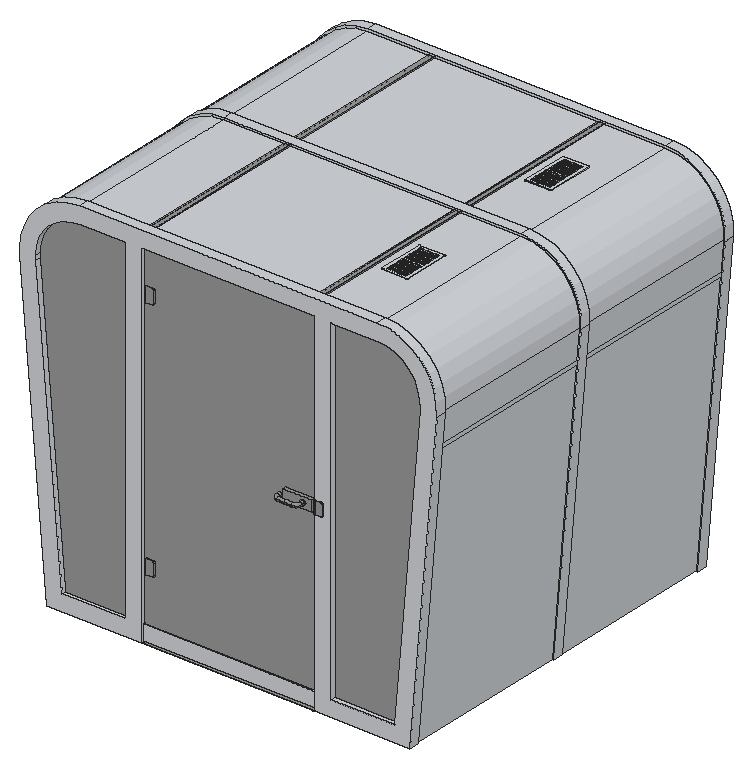
Revit family "Retreat 2.2 - PET Back", category Generic Models, host Floor, Revit 2020 (continued)
Forms (mm)
  Extrusion 20, solid, material "Stainless Steel, Brushed"
    sketch origin (-356.84, -562.062, 13.524) x (1, 0, 0) y (0, 0, 1)
      loop
        line (-98.767, 1870.453) -> (-134.017, 1870.453)
        arc (-134.017, 1870.453) -> (-135.431, 1869.867) -> (-136.017, 1868.453) r 2
        line (-136.017, 1868.453) -> (-136.017, 1786.453)
        arc (-136.017, 1786.453) -> (-135.431, 1785.039) -> (-134.017, 1784.453) r 2
        line (-134.017, 1784.453) -> (-98.767, 1784.453)
        arc (-98.767, 1784.453) -> (-91.696, 1787.382) -> (-88.767, 1794.453) r 10
        line (-88.767, 1794.453) -> (-88.767, 1860.453)
        arc (-88.767, 1860.453) -> (-91.696, 1867.524) -> (-98.767, 1870.453) r 10
    from 509.438 to 516.938
  Extrusion 21, solid, material "Stainless Steel, Brushed"
    sketch origin (-356.84, -562.062, 13.524) x (1, 0, 0) y (0, 0, 1)
      loop
        line (-131.767, 1868.453) -> (-131.767, 1786.453)
        arc (-131.767, 1786.453) -> (-131.181, 1785.039) -> (-129.767, 1784.453) r 2
        line (-129.767, 1784.453) -> (-98.767, 1784.453)
        arc (-98.767, 1784.453) -> (-91.696, 1787.382) -> (-88.767, 1794.453) r 10
        line (-88.767, 1794.453) -> (-88.767, 1860.453)
        arc (-88.767, 1860.453) -> (-91.696, 1867.524) -> (-98.767, 1870.453) r 10
        line (-98.767, 1870.453) -> (-129.767, 1870.453)
        arc (-129.767, 1870.453) -> (-131.181, 1869.867) -> (-131.767, 1868.453) r 2
      loop
        line (-98.767, 435.453) -> (-129.767, 435.453)
        arc (-129.767, 435.453) -> (-131.181, 434.867) -> (-131.767, 433.453) r 2
        line (-131.767, 433.453) -> (-131.767, 351.453)
        arc (-131.767, 351.453) -> (-131.181, 350.039) -> (-129.767, 349.453) r 2
        line (-129.767, 349.453) -> (-98.767, 349.453)
        arc (-98.767, 349.453) -> (-91.696, 352.382) -> (-88.767, 359.453) r 10
        line (-88.767, 359.453) -> (-88.767, 425.453)
        arc (-88.767, 425.453) -> (-91.696, 432.524) -> (-98.767, 435.453) r 10
    from 493.938 to 501.438
  Extrusion 22, solid, material "Stainless Steel, Brushed"
    sketch origin (-170.775, -530, 13.524) x (1, 0, 0) y (0, 0, 1)
      loop
        line (493.614, 1094.953) -> (493.614, 1031.953)
        arc (493.614, 1031.953) -> (494.2, 1030.539) -> (495.614, 1029.953) r 2
        line (495.614, 1029.953) -> (663.284, 1029.953)
        arc (663.284, 1029.953) -> (664.698, 1030.539) -> (665.284, 1031.953) r 2
        line (665.284, 1031.953) -> (665.284, 1094.778)
        arc (665.284, 1094.778) -> (664.766, 1096.304) -> (663.291, 1096.953) r 2
        line (663.291, 1096.953) -> (495.614, 1096.953)
        arc (495.614, 1096.953) -> (494.2, 1096.367) -> (493.614, 1094.953) r 2
    from 541.5 to 562.5
  Extrusion 23, solid, material "Stainless Steel, Brushed"
    sketch origin (-169.884, -1090.5, 13.524) x (1, 0, 0) y (0, 0, 1)
      loop
        arc (635.614, 1092.453) -> (634.296, 1095.635) -> (631.114, 1096.953) r 4.5
        line (631.114, 1096.953) -> (497.223, 1096.953)
        arc (497.223, 1096.953) -> (494.041, 1095.635) -> (492.723, 1092.453) r 4.5
        line (492.723, 1092.453) -> (492.723, 1034.453)
        arc (492.723, 1034.453) -> (494.041, 1031.271) -> (497.223, 1029.953) r 4.5
        line (497.223, 1029.953) -> (631.114, 1029.953)
        arc (631.114, 1029.953) -> (634.296, 1031.271) -> (635.614, 1034.453) r 4.5
        line (635.614, 1034.453) -> (635.614, 1092.453)
    from -36 to -27
  Extrusion 24, solid, material "Stainless Steel, Brushed"
    sketch origin (-165.813, -1092.5, 13.524) x (1, 0, 0) y (0, 0, 1)
      loop
        circle (607.064, 1063.453) r 14.5
    from 0 to 3
  Extrusion 25, solid, material "Stainless Steel, Brushed"
    sketch origin (-165.813, -1054.5, 13.524) x (1, 0, 0) y (0, 0, -1)
      loop
        circle (607.064, -1063.453) r 14.5
    from 0 to 3
  Sweep 26, solid, material "Stainless Steel, Brushed"
    path origin (-60.138, -530, 0) x (1, 0, 0) y (0, 1, 0)
      loop
        line (381.507, -567.5) -> (381.507, -585.564)
        arc (381.507, -585.564) -> (384.944, -593.861) -> (393.24, -597.297) r 11.733
        line (393.24, -597.297) -> (436.507, -597.297) -> (479.774, -597.297)
        arc (479.774, -597.297) -> (488.071, -593.861) -> (491.507, -585.564) r 11.733
        line (491.507, -585.564) -> (491.507, -565.5)
    profile origin (321.369, -1106.532, 0) x (1, 0, 0) y (0, 0, 1)
      loop
        circle (-10, 1077.351) r 10
  Sweep 27, solid, material "Stainless Steel, Brushed"
    path origin (-60.138, -1605, 0) x (1, 0, 0) y (0, -1, 0)
      loop
        line (381.507, -567.5) -> (381.507, -585.564)
        arc (381.507, -585.564) -> (384.944, -593.861) -> (393.24, -597.297) r 11.733
        line (393.24, -597.297) -> (436.507, -597.297) -> (479.774, -597.297)
        arc (479.774, -597.297) -> (488.071, -593.861) -> (491.507, -585.564) r 11.733
        line (491.507, -585.564) -> (491.507, -565.5)
    profile origin (321.369, -1028.468, 0) x (-1, 0, 0) y (0, 0, 1)
      loop
        circle (10, 1077.351) r 10
  Extrusion 28, solid, material "Stainless Steel, Brushed"
    sketch origin (-165.695, -1092.5, 1090.874) x (1, 0, 0) y (0, 0, 1)
      loop
        circle (607.064, -13.524) r 10
    from -53 to -41
  Extrusion 29, solid, material "Stainless Steel, Brushed"
    sketch origin (0, 0, 0) x (1, 0, 0) y (0, 0, 1)
      loop
        line (-510, 0) -> (510, 0) -> (510, 2) -> (-510, 2) -> (-510, 0)
    from 1030 to 1090
  Extrusion 30, solid
    sketch origin (777.625, 529.9, 0) x (1, 0, 0) y (0, 1, 0)
      loop
        line (-66.5, 143) -> (-212.5, 143)
        arc (-212.5, 143) -> (-216.036, 141.536) -> (-217.5, 138) r 5
        line (-217.5, 138) -> (-217.5, -134.9)
        arc (-217.5, -134.9) -> (-216.036, -138.436) -> (-212.5, -139.9) r 5
        line (-212.5, -139.9) -> (-66.5, -139.9)
        arc (-66.5, -139.9) -> (-62.964, -138.436) -> (-61.5, -134.9) r 5
        line (-61.5, -134.9) -> (-61.5, 138)
        arc (-61.5, 138) -> (-62.964, 141.536) -> (-66.5, 143) r 5
      loop
        line (-196.5, -90) -> (-196.5, -120)
        arc (-196.5, -120) -> (-195.914, -121.414) -> (-194.5, -122) r 2
        arc (-194.5, -122) -> (-193.086, -121.414) -> (-192.5, -120) r 2
        line (-192.5, -120) -> (-192.5, -90)
        arc (-192.5, -90) -> (-194.5, -88) -> (-196.5, -90) r 2
      loop
        line (-185.5, -90) -> (-185.5, -120)
        arc (-185.5, -120) -> (-184.914, -121.414) -> (-183.5, -122) r 2
        arc (-183.5, -122) -> (-182.086, -121.414) -> (-181.5, -120) r 2
        line (-181.5, -120) -> (-181.5, -90)
        arc (-181.5, -90) -> (-183.5, -88) -> (-185.5, -90) r 2
      loop
        line (-174.5, -90) -> (-174.5, -120)
        arc (-174.5, -120) -> (-173.914, -121.414) -> (-172.5, -122) r 2
        arc (-172.5, -122) -> (-171.086, -121.414) -> (-170.5, -120) r 2
        line (-170.5, -120) -> (-170.5, -90)
        arc (-170.5, -90) -> (-172.5, -88) -> (-174.5, -90) r 2
      loop
        line (-163.5, -90) -> (-163.5, -120)
        arc (-163.5, -120) -> (-162.914, -121.414) -> (-161.5, -122) r 2
        arc (-161.5, -122) -> (-160.086, -121.414) -> (-159.5, -120) r 2
        line (-159.5, -120) -> (-159.5, -90)
        arc (-159.5, -90) -> (-161.5, -88) -> (-163.5, -90) r 2
      loop
        line (-152.5, -90) -> (-152.5, -120)
        arc (-152.5, -120) -> (-151.914, -121.414) -> (-150.5, -122) r 2
        arc (-150.5, -122) -> (-149.086, -121.414) -> (-148.5, -120) r 2
        line (-148.5, -120) -> (-148.5, -90)
        arc (-148.5, -90) -> (-150.5, -88) -> (-152.5, -90) r 2
      loop
        line (-141.5, -90) -> (-141.5, -120)
        arc (-141.5, -120) -> (-140.914, -121.414) -> (-139.5, -122) r 2
        arc (-139.5, -122) -> (-138.086, -121.414) -> (-137.5, -120) r 2
        line (-137.5, -120) -> (-137.5, -90)
        arc (-137.5, -90) -> (-139.5, -88) -> (-141.5, -90) r 2
      loop
        line (-130.5, -90) -> (-130.5, -120)
        arc (-130.5, -120) -> (-129.914, -121.414) -> (-128.5, -122) r 2
        arc (-128.5, -122) -> (-127.086, -121.414) -> (-126.5, -120) r 2
        line (-126.5, -120) -> (-126.5, -90)
        arc (-126.5, -90) -> (-128.5, -88) -> (-130.5, -90) r 2
      loop
        line (-119.5, -90) -> (-119.5, -120)
        arc (-119.5, -120) -> (-118.914, -121.414) -> (-117.5, -122) r 2
        arc (-117.5, -122) -> (-116.086, -121.414) -> (-115.5, -120) r 2
        line (-115.5, -120) -> (-115.5, -90)
        arc (-115.5, -90) -> (-117.5, -88) -> (-119.5, -90) r 2
      loop
        line (-108.5, -90) -> (-108.5, -120)
        arc (-108.5, -120) -> (-107.914, -121.414) -> (-106.5, -122) r 2
        arc (-106.5, -122) -> (-105.086, -121.414) -> (-104.5, -120) r 2
        line (-104.5, -120) -> (-104.5, -90)
        arc (-104.5, -90) -> (-106.5, -88) -> (-108.5, -90) r 2
      loop
        line (-97.5, -90) -> (-97.5, -120)
        arc (-97.5, -120) -> (-96.914, -121.414) -> (-95.5, -122) r 2
        arc (-95.5, -122) -> (-94.086, -121.414) -> (-93.5, -120) r 2
        line (-93.5, -120) -> (-93.5, -90)
        arc (-93.5, -90) -> (-95.5, -88) -> (-97.5, -90) r 2
      loop
        line (-86.5, -90) -> (-86.5, -120)
        arc (-86.5, -120) -> (-85.914, -121.414) -> (-84.5, -122) r 2
        arc (-84.5, -122) -> (-83.086, -121.414) -> (-82.5, -120) r 2
        line (-82.5, -120) -> (-82.5, -90)
        arc (-82.5, -90) -> (-84.5, -88) -> (-86.5, -90) r 2
      loop
        line (-82.5, -80) -> (-82.5, -50)
        arc (-82.5, -50) -> (-84.5, -48) -> (-86.5, -50) r 2
        line (-86.5, -50) -> (-86.5, -80)
        arc (-86.5, -80) -> (-85.914, -81.414) -> (-84.5, -82) r 2
        arc (-84.5, -82) -> (-83.086, -81.414) -> (-82.5, -80) r 2
      loop
        line (-93.5, -80) -> (-93.5, -50)
        arc (-93.5, -50) -> (-95.5, -48) -> (-97.5, -50) r 2
        line (-97.5, -50) -> (-97.5, -80)
        arc (-97.5, -80) -> (-96.914, -81.414) -> (-95.5, -82) r 2
        arc (-95.5, -82) -> (-94.086, -81.414) -> (-93.5, -80) r 2
      loop
        line (-104.5, -80) -> (-104.5, -50)
        arc (-104.5, -50) -> (-106.5, -48) -> (-108.5, -50) r 2
        line (-108.5, -50) -> (-108.5, -80)
        arc (-108.5, -80) -> (-107.914, -81.414) -> (-106.5, -82) r 2
        arc (-106.5, -82) -> (-105.086, -81.414) -> (-104.5, -80) r 2
      loop
        line (-115.5, -80) -> (-115.5, -50)
        arc (-115.5, -50) -> (-117.5, -48) -> (-119.5, -50) r 2
        line (-119.5, -50) -> (-119.5, -80)
        arc (-119.5, -80) -> (-118.914, -81.414) -> (-117.5, -82) r 2
        arc (-117.5, -82) -> (-116.086, -81.414) -> (-115.5, -80) r 2
      loop
        line (-126.5, -80) -> (-126.5, -50)
        arc (-126.5, -50) -> (-128.5, -48) -> (-130.5, -50) r 2
        line (-130.5, -50) -> (-130.5, -80)
        arc (-130.5, -80) -> (-129.914, -81.414) -> (-128.5, -82) r 2
        arc (-128.5, -82) -> (-127.086, -81.414) -> (-126.5, -80) r 2
      loop
        line (-137.5, -80) -> (-137.5, -50)
        arc (-137.5, -50) -> (-139.5, -48) -> (-141.5, -50) r 2
        line (-141.5, -50) -> (-141.5, -80)
        arc (-141.5, -80) -> (-140.914, -81.414) -> (-139.5, -82) r 2
        arc (-139.5, -82) -> (-138.086, -81.414) -> (-137.5, -80) r 2
      loop
        line (-148.5, -80) -> (-148.5, -50)
        arc (-148.5, -50) -> (-150.5, -48) -> (-152.5, -50) r 2
        line (-152.5, -50) -> (-152.5, -80)
        arc (-152.5, -80) -> (-151.914, -81.414) -> (-150.5, -82) r 2
        arc (-150.5, -82) -> (-149.086, -81.414) -> (-148.5, -80) r 2
      loop
        line (-159.5, -80) -> (-159.5, -50)
        arc (-159.5, -50) -> (-161.5, -48) -> (-163.5, -50) r 2
        line (-163.5, -50) -> (-163.5, -80)
        arc (-163.5, -80) -> (-162.914, -81.414) -> (-161.5, -82) r 2
        arc (-161.5, -82) -> (-160.086, -81.414) -> (-159.5, -80) r 2
      loop
        line (-170.5, -80) -> (-170.5, -50)
        arc (-170.5, -50) -> (-172.5, -48) -> (-174.5, -50) r 2
        line (-174.5, -50) -> (-174.5, -80)
        arc (-174.5, -80) -> (-173.914, -81.414) -> (-172.5, -82) r 2
        arc (-172.5, -82) -> (-171.086, -81.414) -> (-170.5, -80) r 2
      loop
        line (-181.5, -80) -> (-181.5, -50)
        arc (-181.5, -50) -> (-183.5, -48) -> (-185.5, -50) r 2
        line (-185.5, -50) -> (-185.5, -80)
        arc (-185.5, -80) -> (-184.914, -81.414) -> (-183.5, -82) r 2
        arc (-183.5, -82) -> (-182.086, -81.414) -> (-181.5, -80) r 2
      loop
        line (-192.5, -80) -> (-192.5, -50)
        arc (-192.5, -50) -> (-194.5, -48) -> (-196.5, -50) r 2
        line (-196.5, -50) -> (-196.5, -80)
        arc (-196.5, -80) -> (-195.914, -81.414) -> (-194.5, -82) r 2
        arc (-194.5, -82) -> (-193.086, -81.414) -> (-192.5, -80) r 2
      loop
        line (-196.5, -10) -> (-196.5, -40)
        arc (-196.5, -40) -> (-195.914, -41.414) -> (-194.5, -42) r 2
        arc (-194.5, -42) -> (-193.086, -41.414) -> (-192.5, -40) r 2
        line (-192.5, -40) -> (-192.5, -10)
        arc (-192.5, -10) -> (-194.5, -8) -> (-196.5, -10) r 2
      loop
        line (-185.5, -10) -> (-185.5, -40)
        arc (-185.5, -40) -> (-184.914, -41.414) -> (-183.5, -42) r 2
        arc (-183.5, -42) -> (-182.086, -41.414) -> (-181.5, -40) r 2
        line (-181.5, -40) -> (-181.5, -10)
        arc (-181.5, -10) -> (-183.5, -8) -> (-185.5, -10) r 2
      loop
        line (-174.5, -10) -> (-174.5, -40)
        arc (-174.5, -40) -> (-172.5, -42) -> (-170.5, -40) r 2
        line (-170.5, -40) -> (-170.5, -10)
        arc (-170.5, -10) -> (-172.5, -8) -> (-174.5, -10) r 2
      loop
        line (-163.5, -10) -> (-163.5, -40)
        arc (-163.5, -40) -> (-162.914, -41.414) -> (-161.5, -42) r 2
        arc (-161.5, -42) -> (-160.086, -41.414) -> (-159.5, -40) r 2
        line (-159.5, -40) -> (-159.5, -10)
        arc (-159.5, -10) -> (-161.5, -8) -> (-163.5, -10) r 2
      loop
        line (-152.5, -10) -> (-152.5, -40)
        arc (-152.5, -40) -> (-151.914, -41.414) -> (-150.5, -42) r 2
        arc (-150.5, -42) -> (-149.086, -41.414) -> (-148.5, -40) r 2
        line (-148.5, -40) -> (-148.5, -10)
        arc (-148.5, -10) -> (-150.5, -8) -> (-152.5, -10) r 2
      loop
        line (-141.5, -10) -> (-141.5, -40)
        arc (-141.5, -40) -> (-140.914, -41.414) -> (-139.5, -42) r 2
        arc (-139.5, -42) -> (-138.086, -41.414) -> (-137.5, -40) r 2
        line (-137.5, -40) -> (-137.5, -10)
        arc (-137.5, -10) -> (-139.5, -8) -> (-141.5, -10) r 2
      loop
        line (-130.5, -10) -> (-130.5, -40)
        arc (-130.5, -40) -> (-129.914, -41.414) -> (-128.5, -42) r 2
        arc (-128.5, -42) -> (-127.086, -41.414) -> (-126.5, -40) r 2
        line (-126.5, -40) -> (-126.5, -10)
        arc (-126.5, -10) -> (-128.5, -8) -> (-130.5, -10) r 2
      loop
        line (-119.5, -10) -> (-119.5, -40)
        arc (-119.5, -40) -> (-118.914, -41.414) -> (-117.5, -42) r 2
        arc (-117.5, -42) -> (-116.086, -41.414) -> (-115.5, -40) r 2
        line (-115.5, -40) -> (-115.5, -10)
        arc (-115.5, -10) -> (-117.5, -8) -> (-119.5, -10) r 2
      loop
        line (-108.5, -10) -> (-108.5, -40)
        arc (-108.5, -40) -> (-107.914, -41.414) -> (-106.5, -42) r 2
        arc (-106.5, -42) -> (-105.086, -41.414) -> (-104.5, -40) r 2
        line (-104.5, -40) -> (-104.5, -10)
        arc (-104.5, -10) -> (-106.5, -8) -> (-108.5, -10) r 2
      loop
        line (-97.5, -10) -> (-97.5, -40)
        arc (-97.5, -40) -> (-96.914, -41.414) -> (-95.5, -42) r 2
        arc (-95.5, -42) -> (-94.086, -41.414) -> (-93.5, -40) r 2
        line (-93.5, -40) -> (-93.5, -10)
        arc (-93.5, -10) -> (-95.5, -8) -> (-97.5, -10) r 2
      loop
        line (-86.5, -10) -> (-86.5, -40)
        arc (-86.5, -40) -> (-85.914, -41.414) -> (-84.5, -42) r 2
        arc (-84.5, -42) -> (-83.086, -41.414) -> (-82.5, -40) r 2
        line (-82.5, -40) -> (-82.5, -10)
        arc (-82.5, -10) -> (-84.5, -8) -> (-86.5, -10) r 2
      loop
        line (-82.5, 10) -> (-82.5, 40)
        arc (-82.5, 40) -> (-84.5, 42) -> (-86.5, 40) r 2
        line (-86.5, 40) -> (-86.5, 10)
        arc (-86.5, 10) -> (-85.914, 8.586) -> (-84.5, 8) r 2
        arc (-84.5, 8) -> (-83.086, 8.586) -> (-82.5, 10) r 2
      loop
        line (-93.5, 10) -> (-93.5, 40)
        arc (-93.5, 40) -> (-95.5, 42) -> (-97.5, 40) r 2
        line (-97.5, 40) -> (-97.5, 10)
        arc (-97.5, 10) -> (-96.914, 8.586) -> (-95.5, 8) r 2
        arc (-95.5, 8) -> (-94.086, 8.586) -> (-93.5, 10) r 2
      loop
        line (-104.5, 10) -> (-104.5, 40)
        arc (-104.5, 40) -> (-106.5, 42) -> (-108.5, 40) r 2
        line (-108.5, 40) -> (-108.5, 10)
        arc (-108.5, 10) -> (-107.914, 8.586) -> (-106.5, 8) r 2
        arc (-106.5, 8) -> (-105.086, 8.586) -> (-104.5, 10) r 2
      loop
        line (-115.5, 10) -> (-115.5, 40)
        arc (-115.5, 40) -> (-117.5, 42) -> (-119.5, 40) r 2
        line (-119.5, 40) -> (-119.5, 10)
        arc (-119.5, 10) -> (-118.914, 8.586) -> (-117.5, 8) r 2
        arc (-117.5, 8) -> (-116.086, 8.586) -> (-115.5, 10) r 2
      loop
        line (-130.5, 40) -> (-130.5, 10)
        arc (-130.5, 10) -> (-129.914, 8.586) -> (-128.5, 8) r 2
        arc (-128.5, 8) -> (-127.086, 8.586) -> (-126.5, 10) r 2
        line (-126.5, 10) -> (-126.5, 40)
        arc (-126.5, 40) -> (-128.5, 42) -> (-130.5, 40) r 2
      loop
        line (-137.5, 10) -> (-137.5, 40)
        arc (-137.5, 40) -> (-139.5, 42) -> (-141.5, 40) r 2
        line (-141.5, 40) -> (-141.5, 10)
        arc (-141.5, 10) -> (-140.914, 8.586) -> (-139.5, 8) r 2
        arc (-139.5, 8) -> (-138.086, 8.586) -> (-137.5, 10) r 2
      loop
        line (-148.5, 10) -> (-148.5, 40)
        arc (-148.5, 40) -> (-150.5, 42) -> (-152.5, 40) r 2
        line (-152.5, 40) -> (-152.5, 10)
        arc (-152.5, 10) -> (-151.914, 8.586) -> (-150.5, 8) r 2
        arc (-150.5, 8) -> (-149.086, 8.586) -> (-148.5, 10) r 2
      loop
        line (-159.5, 10) -> (-159.5, 40)
        arc (-159.5, 40) -> (-161.5, 42) -> (-163.5, 40) r 2
        line (-163.5, 40) -> (-163.5, 10)
        arc (-163.5, 10) -> (-162.914, 8.586) -> (-161.5, 8) r 2
        arc (-161.5, 8) -> (-160.086, 8.586) -> (-159.5, 10) r 2
      loop
        line (-170.5, 10) -> (-170.5, 40)
        arc (-170.5, 40) -> (-172.5, 42) -> (-174.5, 40) r 2
        line (-174.5, 40) -> (-174.5, 10)
        arc (-174.5, 10) -> (-173.914, 8.586) -> (-172.5, 8) r 2
        arc (-172.5, 8) -> (-171.086, 8.586) -> (-170.5, 10) r 2
      loop
        line (-181.5, 10) -> (-181.5, 40)
        arc (-181.5, 40) -> (-183.5, 42) -> (-185.5, 40) r 2
        line (-185.5, 40) -> (-185.5, 10)
        arc (-185.5, 10) -> (-184.914, 8.586) -> (-183.5, 8) r 2
        arc (-183.5, 8) -> (-182.086, 8.586) -> (-181.5, 10) r 2
      loop
        line (-192.5, 10) -> (-192.5, 40)
        arc (-192.5, 40) -> (-194.5, 42) -> (-196.5, 40) r 2
        line (-196.5, 40) -> (-196.5, 10)
        arc (-196.5, 10) -> (-195.914, 8.586) -> (-194.5, 8) r 2
        arc (-194.5, 8) -> (-193.086, 8.586) -> (-192.5, 10) r 2
      loop
        line (-196.5, 80) -> (-196.5, 50)
        arc (-196.5, 50) -> (-195.914, 48.586) -> (-194.5, 48) r 2
        arc (-194.5, 48) -> (-193.086, 48.586) -> (-192.5, 50) r 2
        line (-192.5, 50) -> (-192.5, 80)
        arc (-192.5, 80) -> (-194.5, 82) -> (-196.5, 80) r 2
      loop
        line (-185.5, 80) -> (-185.5, 50)
        arc (-185.5, 50) -> (-184.914, 48.586) -> (-183.5, 48) r 2
        arc (-183.5, 48) -> (-182.086, 48.586) -> (-181.5, 50) r 2
        line (-181.5, 50) -> (-181.5, 80)
        arc (-181.5, 80) -> (-183.5, 82) -> (-185.5, 80) r 2
      loop
        line (-174.5, 80) -> (-174.5, 50)
        arc (-174.5, 50) -> (-173.914, 48.586) -> (-172.5, 48) r 2
        arc (-172.5, 48) -> (-171.086, 48.586) -> (-170.5, 50) r 2
        line (-170.5, 50) -> (-170.5, 80)
        arc (-170.5, 80) -> (-172.5, 82) -> (-174.5, 80) r 2
      loop
        line (-163.5, 80) -> (-163.5, 50)
        arc (-163.5, 50) -> (-162.914, 48.586) -> (-161.5, 48) r 2
        arc (-161.5, 48) -> (-160.086, 48.586) -> (-159.5, 50) r 2
        line (-159.5, 50) -> (-159.5, 80)
        arc (-159.5, 80) -> (-161.5, 82) -> (-163.5, 80) r 2
      loop
        line (-152.5, 80) -> (-152.5, 50)
        arc (-152.5, 50) -> (-151.914, 48.586) -> (-150.5, 48) r 2
        arc (-150.5, 48) -> (-149.086, 48.586) -> (-148.5, 50) r 2
        line (-148.5, 50) -> (-148.5, 80)
        arc (-148.5, 80) -> (-150.5, 82) -> (-152.5, 80) r 2
      loop
        line (-141.5, 80) -> (-141.5, 50)
        arc (-141.5, 50) -> (-140.914, 48.586) -> (-139.5, 48) r 2
        arc (-139.5, 48) -> (-138.086, 48.586) -> (-137.5, 50) r 2
        line (-137.5, 50) -> (-137.5, 80)
        arc (-137.5, 80) -> (-139.5, 82) -> (-141.5, 80) r 2
      loop
        line (-130.5, 80) -> (-130.5, 50)
        arc (-130.5, 50) -> (-129.914, 48.586) -> (-128.5, 48) r 2
        arc (-128.5, 48) -> (-127.086, 48.586) -> (-126.5, 50) r 2
        line (-126.5, 50) -> (-126.5, 80)
        arc (-126.5, 80) -> (-128.5, 82) -> (-130.5, 80) r 2
      loop
        line (-119.5, 80) -> (-119.5, 50)
        arc (-119.5, 50) -> (-118.914, 48.586) -> (-117.5, 48) r 2
        arc (-117.5, 48) -> (-116.086, 48.586) -> (-115.5, 50) r 2
        line (-115.5, 50) -> (-115.5, 80)
        arc (-115.5, 80) -> (-117.5, 82) -> (-119.5, 80) r 2
      loop
        line (-108.5, 80) -> (-108.5, 50)
        arc (-108.5, 50) -> (-107.914, 48.586) -> (-106.5, 48) r 2
        arc (-106.5, 48) -> (-105.086, 48.586) -> (-104.5, 50) r 2
        line (-104.5, 50) -> (-104.5, 80)
        arc (-104.5, 80) -> (-106.5, 82) -> (-108.5, 80) r 2
      loop
        line (-97.5, 80) -> (-97.5, 50)
        arc (-97.5, 50) -> (-96.914, 48.586) -> (-95.5, 48) r 2
        arc (-95.5, 48) -> (-94.086, 48.586) -> (-93.5, 50) r 2
        line (-93.5, 50) -> (-93.5, 80)
        arc (-93.5, 80) -> (-95.5, 82) -> (-97.5, 80) r 2
      loop
        line (-86.5, 80) -> (-86.5, 50)
        arc (-86.5, 50) -> (-85.914, 48.586) -> (-84.5, 48) r 2
        arc (-84.5, 48) -> (-83.086, 48.586) -> (-82.5, 50) r 2
        line (-82.5, 50) -> (-82.5, 80)
        arc (-82.5, 80) -> (-84.5, 82) -> (-86.5, 80) r 2
      loop
        line (-82.5, 90) -> (-82.5, 120)
        arc (-82.5, 120) -> (-84.5, 122) -> (-86.5, 120) r 2
        line (-86.5, 120) -> (-86.5, 90)
        arc (-86.5, 90) -> (-85.914, 88.586) -> (-84.5, 88) r 2
        arc (-84.5, 88) -> (-83.086, 88.586) -> (-82.5, 90) r 2
      loop
        line (-93.5, 90) -> (-93.5, 120)
        arc (-93.5, 120) -> (-95.5, 122) -> (-97.5, 120) r 2
        line (-97.5, 120) -> (-97.5, 90)
        arc (-97.5, 90) -> (-96.914, 88.586) -> (-95.5, 88) r 2
        arc (-95.5, 88) -> (-94.086, 88.586) -> (-93.5, 90) r 2
      loop
        line (-104.5, 90) -> (-104.5, 120)
        arc (-104.5, 120) -> (-106.5, 122) -> (-108.5, 120) r 2
        line (-108.5, 120) -> (-108.5, 90)
        arc (-108.5, 90) -> (-107.914, 88.586) -> (-106.5, 88) r 2
        arc (-106.5, 88) -> (-105.086, 88.586) -> (-104.5, 90) r 2
      loop
        line (-115.5, 90) -> (-115.5, 120)
        arc (-115.5, 120) -> (-117.5, 122) -> (-119.5, 120) r 2
        line (-119.5, 120) -> (-119.5, 90)
        arc (-119.5, 90) -> (-118.914, 88.586) -> (-117.5, 88) r 2
        arc (-117.5, 88) -> (-116.086, 88.586) -> (-115.5, 90) r 2
      loop
        line (-126.5, 90) -> (-126.5, 120)
        arc (-126.5, 120) -> (-128.5, 122) -> (-130.5, 120) r 2
        line (-130.5, 120) -> (-130.5, 90)
        arc (-130.5, 90) -> (-129.914, 88.586) -> (-128.5, 88) r 2
        arc (-128.5, 88) -> (-127.086, 88.586) -> (-126.5, 90) r 2
      loop
        line (-137.5, 90) -> (-137.5, 120)
        arc (-137.5, 120) -> (-139.5, 122) -> (-141.5, 120) r 2
        line (-141.5, 120) -> (-141.5, 90)
        arc (-141.5, 90) -> (-140.914, 88.586) -> (-139.5, 88) r 2
        arc (-139.5, 88) -> (-138.086, 88.586) -> (-137.5, 90) r 2
      loop
        line (-148.5, 90) -> (-148.5, 120)
        arc (-148.5, 120) -> (-150.5, 122) -> (-152.5, 120) r 2
        line (-152.5, 120) -> (-152.5, 90)
        arc (-152.5, 90) -> (-151.914, 88.586) -> (-150.5, 88) r 2
        arc (-150.5, 88) -> (-149.086, 88.586) -> (-148.5, 90) r 2
      loop
        line (-159.5, 90) -> (-159.5, 120)
        arc (-159.5, 120) -> (-161.5, 122) -> (-163.5, 120) r 2
        line (-163.5, 120) -> (-163.5, 90)
        arc (-163.5, 90) -> (-162.914, 88.586) -> (-161.5, 88) r 2
        arc (-161.5, 88) -> (-160.086, 88.586) -> (-159.5, 90) r 2
      loop
        line (-170.5, 90) -> (-170.5, 120)
        arc (-170.5, 120) -> (-172.5, 122) -> (-174.5, 120) r 2
        line (-174.5, 120) -> (-174.5, 90)
        arc (-174.5, 90) -> (-173.914, 88.586) -> (-172.5, 88) r 2
        arc (-172.5, 88) -> (-171.086, 88.586) -> (-170.5, 90) r 2
      loop
        line (-181.5, 90) -> (-181.5, 120)
        arc (-181.5, 120) -> (-183.5, 122) -> (-185.5, 120) r 2
        line (-185.5, 120) -> (-185.5, 90)
        arc (-185.5, 90) -> (-184.914, 88.586) -> (-183.5, 88) r 2
        arc (-183.5, 88) -> (-182.086, 88.586) -> (-181.5, 90) r 2
      loop
        line (-192.5, 90) -> (-192.5, 120)
        arc (-192.5, 120) -> (-194.5, 122) -> (-196.5, 120) r 2
        line (-196.5, 120) -> (-196.5, 90)
        arc (-196.5, 90) -> (-195.914, 88.586) -> (-194.5, 88) r 2
        arc (-194.5, 88) -> (-193.086, 88.586) -> (-192.5, 90) r 2
    from 2167.91 to 2169.51
  Extrusion 31, solid
    sketch origin (1076.095, 533, 486.603) x (-0.087156, 0, 0.996195) y (0, 1, 0)
      loop
        line (-66.5, 143) -> (-212.5, 143)
        arc (-212.5, 143) -> (-216.036, 141.536) -> (-217.5, 138) r 5
        line (-217.5, 138) -> (-217.5, -138)
        arc (-217.5, -138) -> (-216.036, -141.536) -> (-212.5, -143) r 5
        line (-212.5, -143) -> (-66.5, -143)
        arc (-66.5, -143) -> (-62.964, -141.536) -> (-61.5, -138) r 5
        line (-61.5, -138) -> (-61.5, 138)
        arc (-61.5, 138) -> (-62.964, 141.536) -> (-66.5, 143) r 5
      loop
        line (-196.5, -90) -> (-196.5, -120)
        arc (-196.5, -120) -> (-195.914, -121.414) -> (-194.5, -122) r 2
        arc (-194.5, -122) -> (-193.086, -121.414) -> (-192.5, -120) r 2
        line (-192.5, -120) -> (-192.5, -90)
        arc (-192.5, -90) -> (-194.5, -88) -> (-196.5, -90) r 2
      loop
        line (-185.5, -90) -> (-185.5, -120)
        arc (-185.5, -120) -> (-184.914, -121.414) -> (-183.5, -122) r 2
        arc (-183.5, -122) -> (-182.086, -121.414) -> (-181.5, -120) r 2
        line (-181.5, -120) -> (-181.5, -90)
        arc (-181.5, -90) -> (-183.5, -88) -> (-185.5, -90) r 2
      loop
        line (-174.5, -90) -> (-174.5, -120)
        arc (-174.5, -120) -> (-173.914, -121.414) -> (-172.5, -122) r 2
        arc (-172.5, -122) -> (-171.086, -121.414) -> (-170.5, -120) r 2
        line (-170.5, -120) -> (-170.5, -90)
        arc (-170.5, -90) -> (-172.5, -88) -> (-174.5, -90) r 2
      loop
        line (-163.5, -90) -> (-163.5, -120)
        arc (-163.5, -120) -> (-162.914, -121.414) -> (-161.5, -122) r 2
        arc (-161.5, -122) -> (-160.086, -121.414) -> (-159.5, -120) r 2
        line (-159.5, -120) -> (-159.5, -90)
        arc (-159.5, -90) -> (-161.5, -88) -> (-163.5, -90) r 2
      loop
        line (-152.5, -90) -> (-152.5, -120)
        arc (-152.5, -120) -> (-151.914, -121.414) -> (-150.5, -122) r 2
        arc (-150.5, -122) -> (-149.086, -121.414) -> (-148.5, -120) r 2
        line (-148.5, -120) -> (-148.5, -90)
        arc (-148.5, -90) -> (-150.5, -88) -> (-152.5, -90) r 2
      loop
        line (-141.5, -90) -> (-141.5, -120)
        arc (-141.5, -120) -> (-140.914, -121.414) -> (-139.5, -122) r 2
        arc (-139.5, -122) -> (-138.086, -121.414) -> (-137.5, -120) r 2
        line (-137.5, -120) -> (-137.5, -90)
        arc (-137.5, -90) -> (-139.5, -88) -> (-141.5, -90) r 2
      loop
        line (-130.5, -90) -> (-130.5, -120)
        arc (-130.5, -120) -> (-129.914, -121.414) -> (-128.5, -122) r 2
        arc (-128.5, -122) -> (-127.086, -121.414) -> (-126.5, -120) r 2
        line (-126.5, -120) -> (-126.5, -90)
        arc (-126.5, -90) -> (-128.5, -88) -> (-130.5, -90) r 2
      loop
        line (-119.5, -90) -> (-119.5, -120)
        arc (-119.5, -120) -> (-118.914, -121.414) -> (-117.5, -122) r 2
        arc (-117.5, -122) -> (-116.086, -121.414) -> (-115.5, -120) r 2
        line (-115.5, -120) -> (-115.5, -90)
        arc (-115.5, -90) -> (-117.5, -88) -> (-119.5, -90) r 2
      loop
        line (-108.5, -90) -> (-108.5, -120)
        arc (-108.5, -120) -> (-107.914, -121.414) -> (-106.5, -122) r 2
        arc (-106.5, -122) -> (-105.086, -121.414) -> (-104.5, -120) r 2
        line (-104.5, -120) -> (-104.5, -90)
        arc (-104.5, -90) -> (-106.5, -88) -> (-108.5, -90) r 2
      loop
        line (-97.5, -90) -> (-97.5, -120)
        arc (-97.5, -120) -> (-96.914, -121.414) -> (-95.5, -122) r 2
        arc (-95.5, -122) -> (-94.086, -121.414) -> (-93.5, -120) r 2
        line (-93.5, -120) -> (-93.5, -90)
        arc (-93.5, -90) -> (-95.5, -88) -> (-97.5, -90) r 2
      loop
        line (-86.5, -90) -> (-86.5, -120)
        arc (-86.5, -120) -> (-85.914, -121.414) -> (-84.5, -122) r 2
        arc (-84.5, -122) -> (-83.086, -121.414) -> (-82.5, -120) r 2
        line (-82.5, -120) -> (-82.5, -90)
        arc (-82.5, -90) -> (-84.5, -88) -> (-86.5, -90) r 2
      loop
        line (-82.5, -80) -> (-82.5, -50)
        arc (-82.5, -50) -> (-84.5, -48) -> (-86.5, -50) r 2
        line (-86.5, -50) -> (-86.5, -80)
        arc (-86.5, -80) -> (-85.914, -81.414) -> (-84.5, -82) r 2
        arc (-84.5, -82) -> (-83.086, -81.414) -> (-82.5, -80) r 2
      loop
        line (-93.5, -80) -> (-93.5, -50)
        arc (-93.5, -50) -> (-95.5, -48) -> (-97.5, -50) r 2
        line (-97.5, -50) -> (-97.5, -80)
        arc (-97.5, -80) -> (-96.914, -81.414) -> (-95.5, -82) r 2
        arc (-95.5, -82) -> (-94.086, -81.414) -> (-93.5, -80) r 2
      loop
        line (-104.5, -80) -> (-104.5, -50)
        arc (-104.5, -50) -> (-106.5, -48) -> (-108.5, -50) r 2
        line (-108.5, -50) -> (-108.5, -80)
        arc (-108.5, -80) -> (-107.914, -81.414) -> (-106.5, -82) r 2
        arc (-106.5, -82) -> (-105.086, -81.414) -> (-104.5, -80) r 2
      loop
        line (-115.5, -80) -> (-115.5, -50)
        arc (-115.5, -50) -> (-117.5, -48) -> (-119.5, -50) r 2
        line (-119.5, -50) -> (-119.5, -80)
        arc (-119.5, -80) -> (-118.914, -81.414) -> (-117.5, -82) r 2
        arc (-117.5, -82) -> (-116.086, -81.414) -> (-115.5, -80) r 2
      loop
        line (-126.5, -80) -> (-126.5, -50)
        arc (-126.5, -50) -> (-128.5, -48) -> (-130.5, -50) r 2
        line (-130.5, -50) -> (-130.5, -80)
        arc (-130.5, -80) -> (-129.914, -81.414) -> (-128.5, -82) r 2
        arc (-128.5, -82) -> (-127.086, -81.414) -> (-126.5, -80) r 2
      loop
        line (-137.5, -80) -> (-137.5, -50)
        arc (-137.5, -50) -> (-139.5, -48) -> (-141.5, -50) r 2
        line (-141.5, -50) -> (-141.5, -80)
        arc (-141.5, -80) -> (-140.914, -81.414) -> (-139.5, -82) r 2
        arc (-139.5, -82) -> (-138.086, -81.414) -> (-137.5, -80) r 2
      loop
        line (-148.5, -80) -> (-148.5, -50)
        arc (-148.5, -50) -> (-150.5, -48) -> (-152.5, -50) r 2
        line (-152.5, -50) -> (-152.5, -80)
        arc (-152.5, -80) -> (-151.914, -81.414) -> (-150.5, -82) r 2
        arc (-150.5, -82) -> (-149.086, -81.414) -> (-148.5, -80) r 2
      loop
        line (-159.5, -80) -> (-159.5, -50)
        arc (-159.5, -50) -> (-161.5, -48) -> (-163.5, -50) r 2
        line (-163.5, -50) -> (-163.5, -80)
        arc (-163.5, -80) -> (-162.914, -81.414) -> (-161.5, -82) r 2
        arc (-161.5, -82) -> (-160.086, -81.414) -> (-159.5, -80) r 2
      loop
        line (-170.5, -80) -> (-170.5, -50)
        arc (-170.5, -50) -> (-172.5, -48) -> (-174.5, -50) r 2
        line (-174.5, -50) -> (-174.5, -80)
        arc (-174.5, -80) -> (-173.914, -81.414) -> (-172.5, -82) r 2
        arc (-172.5, -82) -> (-171.086, -81.414) -> (-170.5, -80) r 2
      loop
        line (-181.5, -80) -> (-181.5, -50)
        arc (-181.5, -50) -> (-183.5, -48) -> (-185.5, -50) r 2
        line (-185.5, -50) -> (-185.5, -80)
        arc (-185.5, -80) -> (-184.914, -81.414) -> (-183.5, -82) r 2
        arc (-183.5, -82) -> (-182.086, -81.414) -> (-181.5, -80) r 2
      loop
        line (-192.5, -80) -> (-192.5, -50)
        arc (-192.5, -50) -> (-194.5, -48) -> (-196.5, -50) r 2
        line (-196.5, -50) -> (-196.5, -80)
        arc (-196.5, -80) -> (-195.914, -81.414) -> (-194.5, -82) r 2
        arc (-194.5, -82) -> (-193.086, -81.414) -> (-192.5, -80) r 2
      loop
        line (-196.5, -10) -> (-196.5, -40)
        arc (-196.5, -40) -> (-195.914, -41.414) -> (-194.5, -42) r 2
        arc (-194.5, -42) -> (-193.086, -41.414) -> (-192.5, -40) r 2
        line (-192.5, -40) -> (-192.5, -10)
        arc (-192.5, -10) -> (-194.5, -8) -> (-196.5, -10) r 2
      loop
        line (-185.5, -10) -> (-185.5, -40)
        arc (-185.5, -40) -> (-184.914, -41.414) -> (-183.5, -42) r 2
        arc (-183.5, -42) -> (-182.086, -41.414) -> (-181.5, -40) r 2
        line (-181.5, -40) -> (-181.5, -10)
        arc (-181.5, -10) -> (-183.5, -8) -> (-185.5, -10) r 2
      loop
        line (-174.5, -10) -> (-174.5, -40)
        arc (-174.5, -40) -> (-172.5, -42) -> (-170.5, -40) r 2
        line (-170.5, -40) -> (-170.5, -10)
        arc (-170.5, -10) -> (-172.5, -8) -> (-174.5, -10) r 2
      loop
        line (-163.5, -10) -> (-163.5, -40)
        arc (-163.5, -40) -> (-162.914, -41.414) -> (-161.5, -42) r 2
        arc (-161.5, -42) -> (-160.086, -41.414) -> (-159.5, -40) r 2
        line (-159.5, -40) -> (-159.5, -10)
        arc (-159.5, -10) -> (-161.5, -8) -> (-163.5, -10) r 2
      loop
        line (-152.5, -10) -> (-152.5, -40)
        arc (-152.5, -40) -> (-151.914, -41.414) -> (-150.5, -42) r 2
        arc (-150.5, -42) -> (-149.086, -41.414) -> (-148.5, -40) r 2
        line (-148.5, -40) -> (-148.5, -10)
        arc (-148.5, -10) -> (-150.5, -8) -> (-152.5, -10) r 2
      loop
        line (-141.5, -10) -> (-141.5, -40)
        arc (-141.5, -40) -> (-140.914, -41.414) -> (-139.5, -42) r 2
        arc (-139.5, -42) -> (-138.086, -41.414) -> (-137.5, -40) r 2
        line (-137.5, -40) -> (-137.5, -10)
        arc (-137.5, -10) -> (-139.5, -8) -> (-141.5, -10) r 2
      loop
        line (-130.5, -10) -> (-130.5, -40)
        arc (-130.5, -40) -> (-129.914, -41.414) -> (-128.5, -42) r 2
        arc (-128.5, -42) -> (-127.086, -41.414) -> (-126.5, -40) r 2
        line (-126.5, -40) -> (-126.5, -10)
        arc (-126.5, -10) -> (-128.5, -8) -> (-130.5, -10) r 2
      loop
        line (-119.5, -10) -> (-119.5, -40)
        arc (-119.5, -40) -> (-118.914, -41.414) -> (-117.5, -42) r 2
        arc (-117.5, -42) -> (-116.086, -41.414) -> (-115.5, -40) r 2
        line (-115.5, -40) -> (-115.5, -10)
        arc (-115.5, -10) -> (-117.5, -8) -> (-119.5, -10) r 2
      loop
        line (-108.5, -10) -> (-108.5, -40)
        arc (-108.5, -40) -> (-107.914, -41.414) -> (-106.5, -42) r 2
        arc (-106.5, -42) -> (-105.086, -41.414) -> (-104.5, -40) r 2
        line (-104.5, -40) -> (-104.5, -10)
        arc (-104.5, -10) -> (-106.5, -8) -> (-108.5, -10) r 2
      loop
        line (-97.5, -10) -> (-97.5, -40)
        arc (-97.5, -40) -> (-96.914, -41.414) -> (-95.5, -42) r 2
        arc (-95.5, -42) -> (-94.086, -41.414) -> (-93.5, -40) r 2
        line (-93.5, -40) -> (-93.5, -10)
        arc (-93.5, -10) -> (-95.5, -8) -> (-97.5, -10) r 2
      loop
        line (-86.5, -10) -> (-86.5, -40)
        arc (-86.5, -40) -> (-85.914, -41.414) -> (-84.5, -42) r 2
        arc (-84.5, -42) -> (-83.086, -41.414) -> (-82.5, -40) r 2
        line (-82.5, -40) -> (-82.5, -10)
        arc (-82.5, -10) -> (-84.5, -8) -> (-86.5, -10) r 2
      loop
        line (-82.5, 10) -> (-82.5, 40)
        arc (-82.5, 40) -> (-84.5, 42) -> (-86.5, 40) r 2
        line (-86.5, 40) -> (-86.5, 10)
        arc (-86.5, 10) -> (-85.914, 8.586) -> (-84.5, 8) r 2
        arc (-84.5, 8) -> (-83.086, 8.586) -> (-82.5, 10) r 2
      loop
        line (-93.5, 10) -> (-93.5, 40)
        arc (-93.5, 40) -> (-95.5, 42) -> (-97.5, 40) r 2
        line (-97.5, 40) -> (-97.5, 10)
        arc (-97.5, 10) -> (-96.914, 8.586) -> (-95.5, 8) r 2
        arc (-95.5, 8) -> (-94.086, 8.586) -> (-93.5, 10) r 2
      loop
        line (-104.5, 10) -> (-104.5, 40)
        arc (-104.5, 40) -> (-106.5, 42) -> (-108.5, 40) r 2
        line (-108.5, 40) -> (-108.5, 10)
        arc (-108.5, 10) -> (-107.914, 8.586) -> (-106.5, 8) r 2
        arc (-106.5, 8) -> (-105.086, 8.586) -> (-104.5, 10) r 2
      loop
        line (-115.5, 10) -> (-115.5, 40)
        arc (-115.5, 40) -> (-117.5, 42) -> (-119.5, 40) r 2
        line (-119.5, 40) -> (-119.5, 10)
        arc (-119.5, 10) -> (-118.914, 8.586) -> (-117.5, 8) r 2
        arc (-117.5, 8) -> (-116.086, 8.586) -> (-115.5, 10) r 2
      loop
        line (-130.5, 40) -> (-130.5, 10)
        arc (-130.5, 10) -> (-129.914, 8.586) -> (-128.5, 8) r 2
        arc (-128.5, 8) -> (-127.086, 8.586) -> (-126.5, 10) r 2
        line (-126.5, 10) -> (-126.5, 40)
        arc (-126.5, 40) -> (-128.5, 42) -> (-130.5, 40) r 2
      loop
        line (-137.5, 10) -> (-137.5, 40)
        arc (-137.5, 40) -> (-139.5, 42) -> (-141.5, 40) r 2
        line (-141.5, 40) -> (-141.5, 10)
        arc (-141.5, 10) -> (-140.914, 8.586) -> (-139.5, 8) r 2
        arc (-139.5, 8) -> (-138.086, 8.586) -> (-137.5, 10) r 2
      loop
        line (-148.5, 10) -> (-148.5, 40)
        arc (-148.5, 40) -> (-150.5, 42) -> (-152.5, 40) r 2
        line (-152.5, 40) -> (-152.5, 10)
        arc (-152.5, 10) -> (-151.914, 8.586) -> (-150.5, 8) r 2
        arc (-150.5, 8) -> (-149.086, 8.586) -> (-148.5, 10) r 2
      loop
        line (-159.5, 10) -> (-159.5, 40)
        arc (-159.5, 40) -> (-161.5, 42) -> (-163.5, 40) r 2
        line (-163.5, 40) -> (-163.5, 10)
        arc (-163.5, 10) -> (-162.914, 8.586) -> (-161.5, 8) r 2
        arc (-161.5, 8) -> (-160.086, 8.586) -> (-159.5, 10) r 2
      loop
        line (-170.5, 10) -> (-170.5, 40)
        arc (-170.5, 40) -> (-172.5, 42) -> (-174.5, 40) r 2
        line (-174.5, 40) -> (-174.5, 10)
        arc (-174.5, 10) -> (-173.914, 8.586) -> (-172.5, 8) r 2
        arc (-172.5, 8) -> (-171.086, 8.586) -> (-170.5, 10) r 2
      loop
        line (-181.5, 10) -> (-181.5, 40)
        arc (-181.5, 40) -> (-183.5, 42) -> (-185.5, 40) r 2
        line (-185.5, 40) -> (-185.5, 10)
        arc (-185.5, 10) -> (-184.914, 8.586) -> (-183.5, 8) r 2
        arc (-183.5, 8) -> (-182.086, 8.586) -> (-181.5, 10) r 2
      loop
        line (-192.5, 10) -> (-192.5, 40)
        arc (-192.5, 40) -> (-194.5, 42) -> (-196.5, 40) r 2
        line (-196.5, 40) -> (-196.5, 10)
        arc (-196.5, 10) -> (-195.914, 8.586) -> (-194.5, 8) r 2
        arc (-194.5, 8) -> (-193.086, 8.586) -> (-192.5, 10) r 2
      loop
        line (-196.5, 80) -> (-196.5, 50)
        arc (-196.5, 50) -> (-195.914, 48.586) -> (-194.5, 48) r 2
        arc (-194.5, 48) -> (-193.086, 48.586) -> (-192.5, 50) r 2
        line (-192.5, 50) -> (-192.5, 80)
        arc (-192.5, 80) -> (-194.5, 82) -> (-196.5, 80) r 2
      loop
        line (-185.5, 80) -> (-185.5, 50)
        arc (-185.5, 50) -> (-184.914, 48.586) -> (-183.5, 48) r 2
        arc (-183.5, 48) -> (-182.086, 48.586) -> (-181.5, 50) r 2
        line (-181.5, 50) -> (-181.5, 80)
        arc (-181.5, 80) -> (-183.5, 82) -> (-185.5, 80) r 2
      loop
        line (-174.5, 80) -> (-174.5, 50)
        arc (-174.5, 50) -> (-173.914, 48.586) -> (-172.5, 48) r 2
        arc (-172.5, 48) -> (-171.086, 48.586) -> (-170.5, 50) r 2
        line (-170.5, 50) -> (-170.5, 80)
        arc (-170.5, 80) -> (-172.5, 82) -> (-174.5, 80) r 2
      loop
        line (-163.5, 80) -> (-163.5, 50)
        arc (-163.5, 50) -> (-162.914, 48.586) -> (-161.5, 48) r 2
        arc (-161.5, 48) -> (-160.086, 48.586) -> (-159.5, 50) r 2
        line (-159.5, 50) -> (-159.5, 80)
        arc (-159.5, 80) -> (-161.5, 82) -> (-163.5, 80) r 2
      loop
        line (-152.5, 80) -> (-152.5, 50)
        arc (-152.5, 50) -> (-151.914, 48.586) -> (-150.5, 48) r 2
        arc (-150.5, 48) -> (-149.086, 48.586) -> (-148.5, 50) r 2
        line (-148.5, 50) -> (-148.5, 80)
        arc (-148.5, 80) -> (-150.5, 82) -> (-152.5, 80) r 2
      loop
        line (-141.5, 80) -> (-141.5, 50)
        arc (-141.5, 50) -> (-140.914, 48.586) -> (-139.5, 48) r 2
        arc (-139.5, 48) -> (-138.086, 48.586) -> (-137.5, 50) r 2
        line (-137.5, 50) -> (-137.5, 80)
        arc (-137.5, 80) -> (-139.5, 82) -> (-141.5, 80) r 2
      loop
        line (-130.5, 80) -> (-130.5, 50)
        arc (-130.5, 50) -> (-129.914, 48.586) -> (-128.5, 48) r 2
        arc (-128.5, 48) -> (-127.086, 48.586) -> (-126.5, 50) r 2
        line (-126.5, 50) -> (-126.5, 80)
        arc (-126.5, 80) -> (-128.5, 82) -> (-130.5, 80) r 2
      loop
        line (-119.5, 80) -> (-119.5, 50)
        arc (-119.5, 50) -> (-118.914, 48.586) -> (-117.5, 48) r 2
        arc (-117.5, 48) -> (-116.086, 48.586) -> (-115.5, 50) r 2
        line (-115.5, 50) -> (-115.5, 80)
        arc (-115.5, 80) -> (-117.5, 82) -> (-119.5, 80) r 2
      loop
        line (-108.5, 80) -> (-108.5, 50)
        arc (-108.5, 50) -> (-107.914, 48.586) -> (-106.5, 48) r 2
        arc (-106.5, 48) -> (-105.086, 48.586) -> (-104.5, 50) r 2
        line (-104.5, 50) -> (-104.5, 80)
        arc (-104.5, 80) -> (-106.5, 82) -> (-108.5, 80) r 2
      loop
        line (-97.5, 80) -> (-97.5, 50)
        arc (-97.5, 50) -> (-96.914, 48.586) -> (-95.5, 48) r 2
        arc (-95.5, 48) -> (-94.086, 48.586) -> (-93.5, 50) r 2
        line (-93.5, 50) -> (-93.5, 80)
        arc (-93.5, 80) -> (-95.5, 82) -> (-97.5, 80) r 2
      loop
        line (-86.5, 80) -> (-86.5, 50)
        arc (-86.5, 50) -> (-85.914, 48.586) -> (-84.5, 48) r 2
        arc (-84.5, 48) -> (-83.086, 48.586) -> (-82.5, 50) r 2
        line (-82.5, 50) -> (-82.5, 80)
        arc (-82.5, 80) -> (-84.5, 82) -> (-86.5, 80) r 2
      loop
        line (-82.5, 90) -> (-82.5, 120)
        arc (-82.5, 120) -> (-84.5, 122) -> (-86.5, 120) r 2
        line (-86.5, 120) -> (-86.5, 90)
        arc (-86.5, 90) -> (-85.914, 88.586) -> (-84.5, 88) r 2
        arc (-84.5, 88) -> (-83.086, 88.586) -> (-82.5, 90) r 2
      loop
        line (-93.5, 90) -> (-93.5, 120)
        arc (-93.5, 120) -> (-95.5, 122) -> (-97.5, 120) r 2
        line (-97.5, 120) -> (-97.5, 90)
        arc (-97.5, 90) -> (-96.914, 88.586) -> (-95.5, 88) r 2
        arc (-95.5, 88) -> (-94.086, 88.586) -> (-93.5, 90) r 2
      loop
        line (-104.5, 90) -> (-104.5, 120)
        arc (-104.5, 120) -> (-106.5, 122) -> (-108.5, 120) r 2
        line (-108.5, 120) -> (-108.5, 90)
        arc (-108.5, 90) -> (-107.914, 88.586) -> (-106.5, 88) r 2
        arc (-106.5, 88) -> (-105.086, 88.586) -> (-104.5, 90) r 2
      loop
        line (-115.5, 90) -> (-115.5, 120)
        arc (-115.5, 120) -> (-117.5, 122) -> (-119.5, 120) r 2
        line (-119.5, 120) -> (-119.5, 90)
        arc (-119.5, 90) -> (-118.914, 88.586) -> (-117.5, 88) r 2
        arc (-117.5, 88) -> (-116.086, 88.586) -> (-115.5, 90) r 2
      loop
        line (-126.5, 90) -> (-126.5, 120)
        arc (-126.5, 120) -> (-128.5, 122) -> (-130.5, 120) r 2
        line (-130.5, 120) -> (-130.5, 90)
        arc (-130.5, 90) -> (-129.914, 88.586) -> (-128.5, 88) r 2
        arc (-128.5, 88) -> (-127.086, 88.586) -> (-126.5, 90) r 2
      loop
        line (-137.5, 90) -> (-137.5, 120)
        arc (-137.5, 120) -> (-139.5, 122) -> (-141.5, 120) r 2
        line (-141.5, 120) -> (-141.5, 90)
        arc (-141.5, 90) -> (-140.914, 88.586) -> (-139.5, 88) r 2
        arc (-139.5, 88) -> (-138.086, 88.586) -> (-137.5, 90) r 2
      loop
        line (-148.5, 90) -> (-148.5, 120)
        arc (-148.5, 120) -> (-150.5, 122) -> (-152.5, 120) r 2
        line (-152.5, 120) -> (-152.5, 90)
        arc (-152.5, 90) -> (-151.914, 88.586) -> (-150.5, 88) r 2
        arc (-150.5, 88) -> (-149.086, 88.586) -> (-148.5, 90) r 2
      loop
        line (-159.5, 90) -> (-159.5, 120)
        arc (-159.5, 120) -> (-161.5, 122) -> (-163.5, 120) r 2
        line (-163.5, 120) -> (-163.5, 90)
        arc (-163.5, 90) -> (-162.914, 88.586) -> (-161.5, 88) r 2
        arc (-161.5, 88) -> (-160.086, 88.586) -> (-159.5, 90) r 2
      loop
        line (-170.5, 90) -> (-170.5, 120)
        arc (-170.5, 120) -> (-172.5, 122) -> (-174.5, 120) r 2
        line (-174.5, 120) -> (-174.5, 90)
        arc (-174.5, 90) -> (-173.914, 88.586) -> (-172.5, 88) r 2
        arc (-172.5, 88) -> (-171.086, 88.586) -> (-170.5, 90) r 2
      loop
        line (-181.5, 90) -> (-181.5, 120)
        arc (-181.5, 120) -> (-183.5, 122) -> (-185.5, 120) r 2
        line (-185.5, 120) -> (-185.5, 90)
        arc (-185.5, 90) -> (-184.914, 88.586) -> (-183.5, 88) r 2
        arc (-183.5, 88) -> (-182.086, 88.586) -> (-181.5, 90) r 2
      loop
        line (-192.5, 90) -> (-192.5, 120)
        arc (-192.5, 120) -> (-194.5, 122) -> (-196.5, 120) r 2
        line (-196.5, 120) -> (-196.5, 90)
        arc (-196.5, 90) -> (-195.914, 88.586) -> (-194.5, 88) r 2
        arc (-194.5, 88) -> (-193.086, 88.586) -> (-192.5, 90) r 2
    from 2167.91 to 2169.51
  Extrusion 32, solid
    sketch origin (0, 0, 0) x (1, 0, 0) y (0, 0, 1)
      loop
        line (-1046.482, 0) -> (-994.283, 0) -> (-1135.633, 1615.634) -> (-1187.435, 1611.102) -> (-1046.482, 0)
      loop
        line (-1136.069, 1620.615) -> (-1152.093, 1803.768)
        arc (-1152.093, 1803.768) -> (-1152.883, 1815.827) -> (-1153.147, 1827.91) r 277
        arc (-1153.147, 1827.91) -> (-1072.015, 2023.779) -> (-876.147, 2104.91) r 277
        line (-876.147, 2104.91) -> (-511.874, 2104.91) -> (-511.874, 2156.91) -> (-876.147, 2156.91)
        arc (-876.147, 2156.91) -> (-1108.785, 2060.548) -> (-1205.147, 1827.91) r 329
        arc (-1205.147, 1827.91) -> (-1204.834, 1813.559) -> (-1203.895, 1799.236) r 329
        line (-1203.895, 1799.236) -> (-1187.871, 1616.083) -> (-1136.069, 1620.615)
      loop
        line (-486.874, 2104.91) -> (488.126, 2104.91) -> (488.126, 2156.91) -> (-486.874, 2156.91) -> (-486.874, 2104.91)
      loop
        line (513.126, 2104.91) -> (877.399, 2104.91)
        arc (877.399, 2104.91) -> (1081.624, 2015.048) -> (1153.345, 1803.768) r 277
        line (1153.345, 1803.768) -> (1137.321, 1620.615) -> (1189.123, 1616.083) -> (1205.147, 1799.236)
        arc (1205.147, 1799.236) -> (1119.963, 2050.179) -> (877.399, 2156.91) r 329
        line (877.399, 2156.91) -> (513.126, 2156.91) -> (513.126, 2104.91)
      loop
        line (1136.885, 1615.634) -> (995.535, 0) -> (1047.734, 0) -> (1188.687, 1611.102) -> (1136.885, 1615.634)
    from 30 to 1030
  Extrusion 33, solid
    sketch origin (0, 0, 0) x (1, 0, 0) y (0, 0, 1)
      loop
        line (-985.249, 0) -> (-1126.667, 1616.419) -> (-1135.633, 1615.634) -> (-994.283, 0) -> (-985.249, 0)
      loop
        line (-1127.103, 1621.4) -> (-1143.127, 1804.552)
        arc (-1143.127, 1804.552) -> (-1143.892, 1816.22) -> (-1144.147, 1827.91) r 268
        arc (-1144.147, 1827.91) -> (-1065.651, 2017.415) -> (-876.147, 2095.91) r 268
        line (-876.147, 2095.91) -> (-511.874, 2095.91) -> (-511.874, 2104.91) -> (-876.147, 2104.91)
        arc (-876.147, 2104.91) -> (-1072.015, 2023.779) -> (-1153.147, 1827.91) r 277
        arc (-1153.147, 1827.91) -> (-1152.883, 1815.827) -> (-1152.093, 1803.768) r 277
        line (-1152.093, 1803.768) -> (-1136.069, 1620.615) -> (-1127.103, 1621.4)
      loop
        line (-486.874, 2095.91) -> (488.126, 2095.91) -> (488.126, 2104.91) -> (-486.874, 2104.91) -> (-486.874, 2095.91)
      loop
        line (513.126, 2095.91) -> (877.399, 2095.91)
        arc (877.399, 2095.91) -> (1074.989, 2008.968) -> (1144.379, 1804.552) r 268
        line (1144.379, 1804.552) -> (1128.355, 1621.4) -> (1137.321, 1620.615) -> (1153.345, 1803.768)
        arc (1153.345, 1803.768) -> (1081.624, 2015.048) -> (877.399, 2104.91) r 277
        line (877.399, 2104.91) -> (513.126, 2104.91) -> (513.126, 2095.91)
      loop
        line (1127.919, 1616.419) -> (986.501, 0) -> (995.535, 0) -> (1136.885, 1615.634) -> (1127.919, 1616.419)
    from 30 to 1030
  Extrusion 34, solid
    sketch origin (0, 0, 0) x (1, 0, 0) y (0, 0, 1)
      loop
        line (-511.874, 2165.91) -> (-876.147, 2165.91)
        arc (-876.147, 2165.91) -> (-1115.149, 2066.912) -> (-1214.147, 1827.91) r 338
        arc (-1214.147, 1827.91) -> (-1213.825, 1813.167) -> (-1212.86, 1798.451) r 338
        line (-1212.86, 1798.451) -> (-1196.837, 1615.299) -> (-1187.871, 1616.083) -> (-1203.895, 1799.236)
        arc (-1203.895, 1799.236) -> (-1204.834, 1813.559) -> (-1205.147, 1827.91) r 329
        arc (-1205.147, 1827.91) -> (-1108.785, 2060.548) -> (-876.147, 2156.91) r 329
        line (-876.147, 2156.91) -> (-511.874, 2156.91) -> (-511.874, 2165.91)
      loop
        line (-1196.401, 1610.318) -> (-1055.516, 0) -> (-1046.482, 0) -> (-1187.435, 1611.102) -> (-1196.401, 1610.318)
      loop
        line (-486.874, 2165.91) -> (-486.874, 2156.91) -> (488.126, 2156.91) -> (488.126, 2165.91) -> (-486.874, 2165.91)
      loop
        line (513.126, 2156.91) -> (877.399, 2156.91)
        arc (877.399, 2156.91) -> (1119.963, 2050.179) -> (1205.147, 1799.236) r 329
        line (1205.147, 1799.236) -> (1189.123, 1616.083) -> (1198.089, 1615.299) -> (1214.112, 1798.451)
        arc (1214.112, 1798.451) -> (1126.598, 2056.259) -> (877.399, 2165.91) r 338
        line (877.399, 2165.91) -> (513.126, 2165.91) -> (513.126, 2156.91)
      loop
        line (1188.687, 1611.102) -> (1047.734, 0) -> (1056.768, 0) -> (1197.653, 1610.318) -> (1188.687, 1611.102)
    from 30 to 1030
  Extrusion 35, solid
    sketch origin (0, 0, 0) x (1, 0, 0) y (0, 0, 1)
      loop
        line (-511.874, 2167.91) -> (-876.147, 2167.91)
        arc (-876.147, 2167.91) -> (-1116.563, 2068.326) -> (-1216.147, 1827.91) r 340
        arc (-1216.147, 1827.91) -> (-1215.823, 1813.079) -> (-1214.853, 1798.277) r 340
        line (-1214.853, 1798.277) -> (-1198.829, 1615.125) -> (-1196.837, 1615.299) -> (-1212.86, 1798.451)
        arc (-1212.86, 1798.451) -> (-1213.825, 1813.167) -> (-1214.147, 1827.91) r 338
        arc (-1214.147, 1827.91) -> (-1115.149, 2066.912) -> (-876.147, 2165.91) r 338
        line (-876.147, 2165.91) -> (-511.874, 2165.91) -> (-511.874, 2167.91)
      loop
        line (-1196.401, 1610.318) -> (-1198.393, 1610.144) -> (-1057.524, 0) -> (-1055.516, 0) -> (-1196.401, 1610.318)
      loop
        line (488.126, 2165.91) -> (488.126, 2167.91) -> (-486.874, 2167.91) -> (-486.874, 2165.91) -> (488.126, 2165.91)
      loop
        arc (877.399, 2165.91) -> (1126.598, 2056.259) -> (1214.112, 1798.451) r 338
        line (1214.112, 1798.451) -> (1198.089, 1615.299) -> (1200.081, 1615.125) -> (1216.105, 1798.277)
        arc (1216.105, 1798.277) -> (1128.073, 2057.611) -> (877.399, 2167.91) r 340
        line (877.399, 2167.91) -> (513.126, 2167.91) -> (513.126, 2165.91) -> (877.399, 2165.91)
      loop
        line (1197.653, 1610.318) -> (1056.768, 0) -> (1058.776, 0) -> (1199.645, 1610.144) -> (1197.653, 1610.318)
    from 30 to 1030
  Extrusion 36, solid
    sketch origin (0, 0, 0) x (1, 0, 0) y (0, 0, 1)
      loop
        line (-1068, 0) -> (-972.637, 0) -> (-1130.622, 1805.775)
        arc (-1130.622, 1805.775) -> (-1131.35, 1816.877) -> (-1131.592, 1828) r 255
        arc (-1131.592, 1828) -> (-1056.905, 2008.312) -> (-876.592, 2083) r 255
        line (-876.592, 2083) -> (876.592, 2083)
        arc (876.592, 2083) -> (1064.598, 2000.276) -> (1130.622, 1805.775) r 255
        line (1130.622, 1805.775) -> (972.637, 0) -> (1068, 0) -> (1225.26, 1797.495)
        arc (1225.26, 1797.495) -> (1134.639, 2064.457) -> (876.592, 2178) r 350
        line (876.592, 2178) -> (-876.592, 2178)
        arc (-876.592, 2178) -> (-1124.08, 2075.487) -> (-1226.592, 1828) r 350
        arc (-1226.592, 1828) -> (-1226.259, 1812.733) -> (-1225.26, 1797.495) r 350
        line (-1225.26, 1797.495) -> (-1068, 0)
    from -30 to 30
  Extrusion 37, solid
    sketch origin (0, 0, 0) x (1, 0, 0) y (0, 0, 1)
      loop
        line (-1202.104, 1623.872) -> (-1200.099, 1600.96) -> (-1197.609, 1601.178) -> (-1198.393, 1610.144) -> (-1196.401, 1610.318) -> (-1187.435, 1611.102) -> (-1135.633, 1615.634) -> (-1126.667, 1616.419) -> (-1125.883, 1607.453) -> (-1123.392, 1607.671) -> (-1125.397, 1630.583) -> (-1127.888, 1630.366) -> (-1127.103, 1621.4) -> (-1136.069, 1620.615) -> (-1187.871, 1616.083) -> (-1196.837, 1615.299) -> (-1198.829, 1615.125) -> (-1199.614, 1624.09) -> (-1202.104, 1623.872)
      loop
        line (1201.351, 1600.96) -> (1203.356, 1623.872) -> (1200.865, 1624.09) -> (1200.081, 1615.125) -> (1198.089, 1615.299) -> (1189.123, 1616.083) -> (1137.321, 1620.615) -> (1128.355, 1621.4) -> (1129.139, 1630.366) -> (1126.649, 1630.583) -> (1124.644, 1607.671) -> (1127.135, 1607.453) -> (1127.919, 1616.419) -> (1136.885, 1615.634) -> (1188.687, 1611.102) -> (1197.653, 1610.318) -> (1199.645, 1610.144) -> (1198.861, 1601.178) -> (1201.351, 1600.96)
    from 30 to 1030
  Extrusion 38, solid, material "Stainless Steel, Brushed"
    sketch origin (0.228, 0, 0) x (1, 0, 0) y (0, 0, 1)
      loop
        line (508, 1114.476) -> (508, 1039.476) -> (547, 1039.476)
